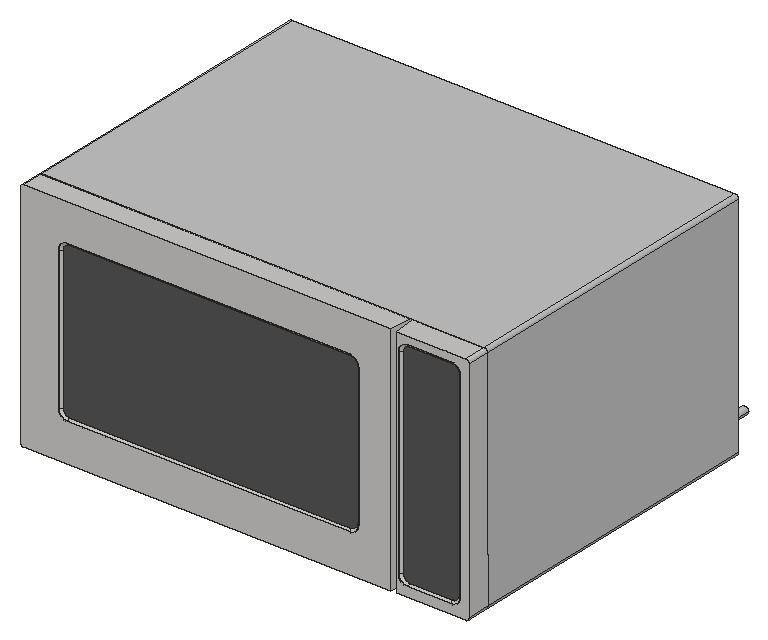
Revit family "FP_Revit_18_MO-24SS-2_Microwave_90000929A", category Specialty Equipment, Revit 2018
Family settings
  Round Connector Dimension = Use Diameter
  Part Type = Normal
  OmniClass Number = 23.40.40.14.17.31
  OmniClass Title = Small Specialized Cooking Equipment
  Work Plane-Based = No
  Always vertical = Yes
  Cut with Voids When Loaded = Yes
  Shared = No
  Room Calculation Point = No
Parameters
  Visibility - Clearance Required = yes
  URL = "www.fisherpaykel.com"
  Product - Width = 609 mm  # constant formula
  Product - Height = 340 mm  # constant formula
  Product - Depth = 485 mm  # constant formula
  Model = "MO-24SS-2"
  Material - Glass = Fisher & Paykel - Glass, Black
  Material - Front = Fisher & Paykel - Stainless Steel
  Material - Body = Fisher & Paykel - Grey
  Manufacturer = "Fisher & Paykel Appliances"
  FFL Offset [instance] = 860 mm
  Description = "24\" Microwave"
  Connector Note - Electrical = "120 V, 60 Hz, 15 A"
Reference planes
  plane 1 "Datum": y = 0
  plane 2: z = 0
  plane 3 "Center (Left/Right)": x = 0
  plane 4 "Top": z = 1200
  plane 5 "Product LHS": x = -304.5
  plane 6 "Product RHS": x = 304.5
  plane 7 "Product - Depth": y = 485
  plane 8 "FFL Offset": z = 860
  plane 9 "Base": z = 882.225
Forms (mm)
  Extrusion 1, solid, material "Fisher & Paykel - Stainless Steel" <- "Material - Front"
    sketch origin (0, 0, 0) x (1, 0, 0) y (0, 0, 1)
      loop
        arc (-299.5, 1200) -> (-303.036, 1198.536) -> (-304.5, 1195) r 5
        line (-304.5, 1195) -> (-304.5, 887.225)
        arc (-304.5, 887.225) -> (-303.036, 883.689) -> (-299.5, 882.225) r 5
        line (-299.5, 882.225) -> (299.5, 882.225)
        arc (299.5, 882.225) -> (303.036, 883.689) -> (304.5, 887.225) r 5
        line (304.5, 887.225) -> (304.5, 1195)
        arc (304.5, 1195) -> (303.036, 1198.536) -> (299.5, 1200) r 5
        line (299.5, 1200) -> (-299.5, 1200)
      loop
        arc (-240.72, 1149.623) -> (-249.205, 1146.109) -> (-252.72, 1137.623) r 12
        line (-252.72, 1137.623) -> (-252.72, 945.723)
        arc (-252.72, 945.723) -> (-249.205, 937.238) -> (-240.72, 933.723) r 12
        line (-240.72, 933.723) -> (141.68, 933.723)
        arc (141.68, 933.723) -> (150.165, 937.238) -> (153.68, 945.723) r 12
        line (153.68, 945.723) -> (153.68, 1137.623)
        arc (153.68, 1137.623) -> (150.165, 1146.109) -> (141.68, 1149.623) r 12
        line (141.68, 1149.623) -> (-240.72, 1149.623)
      loop
        arc (220.29, 1188.422) -> (211.805, 1184.907) -> (208.29, 1176.422) r 12
        line (208.29, 1176.422) -> (208.29, 906.925)
        arc (208.29, 906.925) -> (211.805, 898.44) -> (220.29, 894.925) r 12
        line (220.29, 894.925) -> (279.63, 894.925)
        arc (279.63, 894.925) -> (288.115, 898.44) -> (291.63, 906.925) r 12
        line (291.63, 906.925) -> (291.63, 1176.422)
        arc (291.63, 1176.422) -> (288.115, 1184.907) -> (279.63, 1188.422) r 12
        line (279.63, 1188.422) -> (220.29, 1188.422)
    from -30.162 to 0
  Extrusion 2, void
    sketch origin (0, 0, 0) x (1, 0, 0) y (0, 1, 0)
      loop
        line (200.353, 30.162) -> (197.714, 0) -> (206.166, 0) -> (203.528, 30.162) -> (200.353, 30.162)
    from 860 to 1200
  Extrusion 3, solid, material "Fisher & Paykel - Glass, Black" <- "Material - Glass"
    sketch origin (0, 0, 0) x (1, 0, 0) y (0, 0, 1)
      loop
        arc (-240.72, 1149.623) -> (-249.205, 1146.109) -> (-252.72, 1137.623) r 12
        line (-252.72, 1137.623) -> (-252.72, 945.723)
        arc (-252.72, 945.723) -> (-249.205, 937.238) -> (-240.72, 933.723) r 12
        line (-240.72, 933.723) -> (141.68, 933.723)
        arc (141.68, 933.723) -> (150.165, 937.238) -> (153.68, 945.723) r 12
        line (153.68, 945.723) -> (153.68, 1137.623)
        arc (153.68, 1137.623) -> (150.165, 1146.109) -> (141.68, 1149.623) r 12
        line (141.68, 1149.623) -> (-240.72, 1149.623)
      loop
        line (278.84, 1188.422) -> (220.29, 1188.422)
        arc (220.29, 1188.422) -> (211.805, 1184.907) -> (208.29, 1176.422) r 12
        line (208.29, 1176.422) -> (208.29, 906.925)
        arc (208.29, 906.925) -> (211.805, 898.44) -> (220.29, 894.925) r 12
        line (220.29, 894.925) -> (278.84, 894.925)
        arc (278.84, 894.925) -> (287.325, 898.44) -> (290.84, 906.925) r 12
        line (290.84, 906.925) -> (290.84, 1176.422)
        arc (290.84, 1176.422) -> (287.325, 1184.907) -> (278.84, 1188.422) r 12
    from -30.162 to -3.175
  Extrusion 4, solid, material "Fisher & Paykel - Grey" <- "Material - Body"
    sketch origin (0, 0, 0) x (1, 0, 0) y (0, 0, 1)
      loop
        arc (-299.5, 1200) -> (-303.036, 1198.536) -> (-304.5, 1195) r 5
        line (-304.5, 1195) -> (-304.5, 887.225)
        arc (-304.5, 887.225) -> (-303.036, 883.689) -> (-299.5, 882.225) r 5
        line (-299.5, 882.225) -> (299.5, 882.225)
        arc (299.5, 882.225) -> (303.036, 883.689) -> (304.5, 887.225) r 5
        line (304.5, 887.225) -> (304.5, 1195)
        arc (304.5, 1195) -> (303.036, 1198.536) -> (299.5, 1200) r 5
        line (299.5, 1200) -> (-299.5, 1200)
    from -455.232 to -30.162
  Extrusion 5, solid, material "Fisher & Paykel - Grey" <- "Material - Body"
    sketch origin (0, 0, 0) x (1, 0, 0) y (0, 1, 0)
      loop
        circle (-265.42, 93.98) r 6.002
      loop
        circle (-265.42, 385.445) r 6
      loop
        circle (231.447, 93.98) r 6.002
      loop
        circle (231.447, 385.445) r 6
    from 860 to 865.8
  Extrusion 6, solid, material "Fisher & Paykel - Grey" <- "Material - Body"
    sketch origin (0, 0, 0) x (1, 0, 0) y (0, 0, 1)
      loop
        line (96.984, 1120.391) -> (-211.264, 1120.391)
        arc (-211.264, 1120.391) -> (-212.678, 1119.805) -> (-213.264, 1118.391) r 2
        line (-213.264, 1118.391) -> (-213.264, 966.353)
        arc (-213.264, 966.353) -> (-212.678, 964.939) -> (-211.264, 964.353) r 2
        line (-211.264, 964.353) -> (96.984, 964.353)
        arc (96.984, 964.353) -> (98.398, 964.939) -> (98.984, 966.353) r 2
        line (98.984, 966.353) -> (98.984, 1118.391)
        arc (98.984, 1118.391) -> (98.398, 1119.805) -> (96.984, 1120.391) r 2
    from -485 to -455.232
  Extrusion 7, solid, material "Fisher & Paykel - Grey" <- "Material - Body"
    sketch origin (0, 0, 0) x (1, 0, 0) y (0, 0, 1)
      loop
        circle (289.33, 920.24) r 5
    from -485 to -455.232
  Extrusion 8, solid, material "Fisher & Paykel - Grey" <- "Material - Body"
    sketch origin (0, 0, 0) x (1, 0, 0) y (0, 1, 0)
      loop
        arc (-264.98, 403.987) -> (-278.402, 398.427) -> (-283.962, 385.005) r 18.982
        line (-283.962, 385.005) -> (-283.962, 94.438)
        arc (-283.962, 94.438) -> (-278.397, 81.003) -> (-264.962, 75.438) r 19
        line (-264.962, 75.438) -> (230.99, 75.438)
        arc (230.99, 75.438) -> (244.425, 81.003) -> (249.99, 94.438) r 19
        line (249.99, 94.438) -> (249.99, 384.987)
        arc (249.99, 384.987) -> (244.425, 398.422) -> (230.99, 403.987) r 19
        line (230.99, 403.987) -> (-264.98, 403.987)
    from 865.8 to 882.225
  Sweep 9, solid, material "Fisher & Paykel - Grey" <- "Material - Body", detail levels fine
    path in 3D
      loop
        arc (230.99, 403.987, 865.8) -> (244.425, 398.422, 865.8) -> (249.99, 384.987, 865.8) r 19
        line (249.99, 384.987, 865.8) -> (249.99, 94.438, 865.8)
        arc (249.99, 94.438, 865.8) -> (244.425, 81.003, 865.8) -> (230.99, 75.438, 865.8) r 19
        line (230.99, 75.438, 865.8) -> (-264.962, 75.438, 865.8)
        arc (-264.962, 75.438, 865.8) -> (-278.397, 81.003, 865.8) -> (-283.962, 94.438, 865.8) r 19
        line (-283.962, 94.438, 865.8) -> (-283.962, 385.005, 865.8)
        arc (-283.962, 385.005, 865.8) -> (-278.402, 398.427, 865.8) -> (-264.98, 403.987, 865.8) r 18.982
        line (-264.98, 403.987, 865.8) -> (230.99, 403.987, 865.8)
    profile origin (-16.995, 403.987, 865.8) x (0, -1, 0) y (0, 0, -1)
      loop
        line (0, 0) -> (-16.383, -16.383) -> (0, -16.383) -> (0, 0)
  Sweep 10, solid, material "Fisher & Paykel - Grey" <- "Material - Body", detail levels fine
    path in 3D
      loop
        arc (98.984, 485, 966.353) -> (98.398, 485, 964.939) -> (96.984, 485, 964.353) r 2
        line (96.984, 485, 964.353) -> (-211.264, 485, 964.353)
        arc (-211.264, 485, 964.353) -> (-212.678, 485, 964.939) -> (-213.264, 485, 966.353) r 2
        line (-213.264, 485, 966.353) -> (-213.264, 485, 1118.391)
        arc (-213.264, 485, 1118.391) -> (-212.678, 485, 1119.805) -> (-211.264, 485, 1120.391) r 2
        line (-211.264, 485, 1120.391) -> (96.984, 485, 1120.391)
        arc (96.984, 485, 1120.391) -> (98.398, 485, 1119.805) -> (98.984, 485, 1118.391) r 2
        line (98.984, 485, 1118.391) -> (98.984, 485, 966.353)
    profile origin (98.984, 485, 1042.372) x (1, 0, 0) y (0, 1, 0)
      loop
        line (0, 0) -> (0, -29.768) -> (29.768, -29.768) -> (0, 0)
  Extrusion 11, solid, material "Fisher & Paykel - Grey" <- "Material - Body"
    sketch origin (0, 0, 0) x (0, 1, 0) y (0, 0, 1)
      loop
        line (455.232, 1161.122) -> (455.232, 1126.122) -> (485, 1126.122) -> (485, 1144.088) -> (472.394, 1144.088) -> (462.231, 1161.122) -> (455.232, 1161.122)
    from 198.54 to 223.54
  Extrusion 12, solid, material "Fisher & Paykel - Grey" <- "Material - Body"
    sketch origin (0, 0, 0) x (1, 0, 0) y (0, 1, 0)
      loop
        circle (211.04, 463.813) r 4.95
    from 1021.1 to 1126.122
  Extrusion 13, void
    sketch origin (0, 0, 0) x (1, 0, 0) y (0, 1, 0)
      loop
        line (-304.5, 485) -> (-304.5, 0) -> (304.5, 0) -> (304.5, 485) -> (-304.5, 485)
    from 860 to 1200
  Sweep 14, solid, material "Fisher & Paykel - Stainless Steel" <- "Material - Front", detail levels fine
    path in 3D
      loop
        arc (-252.72, 0, 1137.623) -> (-249.205, 0, 1146.109) -> (-240.72, 0, 1149.623) r 12
        line (-240.72, 0, 1149.623) -> (141.68, 0, 1149.623)
        arc (141.68, 0, 1149.623) -> (150.165, 0, 1146.109) -> (153.68, 0, 1137.623) r 12
        line (153.68, 0, 1137.623) -> (153.68, 0, 945.723)
        arc (153.68, 0, 945.723) -> (150.165, 0, 937.238) -> (141.68, 0, 933.723) r 12
        line (141.68, 0, 933.723) -> (-240.72, 0, 933.723)
        arc (-240.72, 0, 933.723) -> (-249.205, 0, 937.238) -> (-252.72, 0, 945.723) r 12
        line (-252.72, 0, 945.723) -> (-252.72, 0, 1137.623)
    profile origin (-252.72, 0, 1041.673) x (0, -1, 0) y (1, 0, 0)
      loop
        line (0, 0) -> (-3.175, 3.175) -> (-3.175, 0) -> (0, 0)
  Sweep 15, solid, material "Fisher & Paykel - Stainless Steel" <- "Material - Front", detail levels fine
    path in 3D
      loop
        arc (208.29, 0, 1176.422) -> (211.805, 0, 1184.907) -> (220.29, 0, 1188.422) r 12
        line (220.29, 0, 1188.422) -> (279.63, 0, 1188.422)
        arc (279.63, 0, 1188.422) -> (288.115, 0, 1184.907) -> (291.63, 0, 1176.422) r 12
        line (291.63, 0, 1176.422) -> (291.63, 0, 906.925)
        arc (291.63, 0, 906.925) -> (288.115, 0, 898.44) -> (279.63, 0, 894.925) r 12
        line (279.63, 0, 894.925) -> (220.29, 0, 894.925)
        arc (220.29, 0, 894.925) -> (211.805, 0, 898.44) -> (208.29, 0, 906.925) r 12
        line (208.29, 0, 906.925) -> (208.29, 0, 1176.422)
    profile origin (208.29, 0, 1041.673) x (0, -1, 0) y (1, 0, 0)
      loop
        line (0, 0) -> (-3.175, 3.175) -> (-3.175, 0) -> (0, 0)
Cuts and joins
  joined: Extrusion 6, Extrusion 8
  Extrusion 2 cuts Extrusion 1
Lines and regions (mm)
  sketch lines
    curve 1: line (-264.98, 403.987, 865.8) -> (230.99, 403.987, 865.8)
    curve 2: arc (-264.98, 403.987, 865.8) -> (-278.402, 398.427, 865.8) -> (-283.962, 385.005, 865.8) r 18.982
    curve 3: line (-283.962, 94.438, 865.8) -> (-283.962, 385.005, 865.8)
    curve 4: arc (-283.962, 94.438, 865.8) -> (-278.397, 81.003, 865.8) -> (-264.962, 75.438, 865.8) r 19
    curve 5: line (230.99, 75.438, 865.8) -> (-264.962, 75.438, 865.8)
    curve 6: arc (230.99, 75.438, 865.8) -> (244.425, 81.003, 865.8) -> (249.99, 94.438, 865.8) r 19
    curve 7: line (249.99, 384.987, 865.8) -> (249.99, 94.438, 865.8)
    curve 8: arc (249.99, 384.987, 865.8) -> (244.425, 398.422, 865.8) -> (230.99, 403.987, 865.8) r 19
    curve 9: line (98.984, 485, 1118.391) -> (98.984, 485, 966.353)
    curve 10: line (96.984, 485, 964.353) -> (-211.264, 485, 964.353)
    curve 11: arc (96.984, 485, 964.353) -> (98.398, 485, 964.939) -> (98.984, 485, 966.353) r 2
    curve 12: arc (-213.264, 485, 966.353) -> (-212.678, 485, 964.939) -> (-211.264, 485, 964.353) r 2
    curve 13: line (-213.264, 485, 966.353) -> (-213.264, 485, 1118.391)
    curve 14: arc (-211.264, 485, 1120.391) -> (-212.678, 485, 1119.805) -> (-213.264, 485, 1118.391) r 2
    curve 15: line (-211.264, 485, 1120.391) -> (96.984, 485, 1120.391)
    curve 16: arc (98.984, 485, 1118.391) -> (98.398, 485, 1119.805) -> (96.984, 485, 1120.391) r 2
    curve 17: line (-252.72, 0, 945.723) -> (-252.72, 0, 1137.623)
    curve 18: arc (-240.72, 0, 1149.623) -> (-249.205, 0, 1146.109) -> (-252.72, 0, 1137.623) r 12
    curve 19: line (-240.72, 0, 1149.623) -> (141.68, 0, 1149.623)
    curve 20: arc (153.68, 0, 1137.623) -> (150.165, 0, 1146.109) -> (141.68, 0, 1149.623) r 12
    curve 21: line (153.68, 0, 1137.623) -> (153.68, 0, 945.723)
    curve 22: arc (141.68, 0, 933.723) -> (150.165, 0, 937.238) -> (153.68, 0, 945.723) r 12
    curve 23: line (141.68, 0, 933.723) -> (-240.72, 0, 933.723)
    curve 24: arc (-252.72, 0, 945.723) -> (-249.205, 0, 937.238) -> (-240.72, 0, 933.723) r 12
    curve 25: line (208.29, 0, 906.925) -> (208.29, 0, 1176.422)
    curve 26: arc (220.29, 0, 1188.422) -> (211.805, 0, 1184.907) -> (208.29, 0, 1176.422) r 12
    curve 27: line (220.29, 0, 1188.422) -> (279.63, 0, 1188.422)
    curve 28: arc (291.63, 0, 1176.422) -> (288.115, 0, 1184.907) -> (279.63, 0, 1188.422) r 12
    curve 29: line (291.63, 0, 1176.422) -> (291.63, 0, 906.925)
    curve 30: arc (279.63, 0, 894.925) -> (288.115, 0, 898.44) -> (291.63, 0, 906.925) r 12
    curve 31: line (279.63, 0, 894.925) -> (220.29, 0, 894.925)
    curve 32: arc (208.29, 0, 906.925) -> (211.805, 0, 898.44) -> (220.29, 0, 894.925) r 12
Text (mm)
  text "Due to ongoing product development, product details are subject to change without notice. \nPlease always refer to www.fisherpaykel.com for the most current product information. \n© Fisher & Paykel 2020" at (41.04, -230.14, 0), in view "Ref. Level (Plan)"
Dimensions and locks
  equal spacing: plane 5 "Product LHS", plane 3 "Center (Left/Right)", plane 6 "Product RHS"
  "Product - Width": plane 5 "Product LHS" to plane 6 "Product RHS"
  "Product - Depth": plane 1 "Datum" to plane 7 "Product - Depth"
  "FFL Offset": plane 8 "FFL Offset" to level
  locked: cut or joined group of Extrusion 6, Extrusion 8 to plane 8 "FFL Offset" at 104.353
  locked: plane 8 "FFL Offset" to cut or joined group of Extrusion 6, Extrusion 8 at 5.8
  locked: plane 8 "FFL Offset" to Extrusion 7 sketch curve at 60.24
  locked: Extrusion 12 to plane 8 "FFL Offset" at 161.1
  "Product - Height": plane 4 "Top" to plane 8 "FFL Offset"
  locked: plane 8 "FFL Offset" to plane 9 "Base" at 22.225
  locked: Extrusion 11 to plane 8 "FFL Offset" at 266.122
  plane 9 "Base" to cut or joined group of Extrusion 6, Extrusion 8 = 0 mm
  aligned and locked: level to plane 2
  aligned and locked: Extrusion 1 sketch curve to plane 5 "Product LHS"
  aligned and locked: plane 6 "Product RHS" to Extrusion 1 sketch curve
  aligned and locked: Extrusion 7 to plane 7 "Product - Depth"
  aligned and locked: Extrusion 5 to cut or joined group of Extrusion 6, Extrusion 8
  aligned and locked: Extrusion 1 sketch curve to plane 4 "Top"
  aligned and locked: Extrusion 1 sketch curve to plane 9 "Base"
  aligned and locked: plane 4 "Top" to Extrusion 2
  aligned and locked: Extrusion 5 to Extrusion 2
  aligned and locked: Extrusion 12 to Extrusion 11
  aligned and locked: Extrusion 5 to plane 8 "FFL Offset"
  aligned and locked: Extrusion 4 sketch curve to plane 9 "Base"
  aligned and locked: Extrusion 8 to Extrusion 4
  aligned and locked: Extrusion 3 sketch curve to cut or joined group of Extrusion 1, Extrusion 2
  aligned and locked: cut or joined group of Extrusion 1, Extrusion 2 to Extrusion 3 sketch curve
  aligned and locked: plane 4 "Top" to Extrusion 13
  aligned and locked: Extrusion 13 to Extrusion 5
  aligned and locked: Sweep 14 sketch curve to Extrusion 3
  aligned and locked: Extrusion 3 to Sweep 15 sketch curve
Automatic sketch dimensions
  plane 1 "Datum" to Extrusion 2 sketch curve = 0 mm
  plane 6 "Product RHS" to Extrusion 2 sketch curve = 106.786 mm
  Extrusion 2 sketch curve to plane 1 "Datum" = 30.162 mm
  Extrusion 2 sketch curve to Extrusion 2 sketch curve = 2.639 mm
  Extrusion 2 sketch curve to Extrusion 2 sketch curve = 3.175 mm
  Extrusion 2 sketch curve to Extrusion 2 sketch curve = 8.453 mm
  Extrusion 8 sketch curve to plane 5 "Product LHS" = 20.538 mm
  Extrusion 8 sketch curve to Extrusion 8 sketch curve = 18.982 mm
  Extrusion 8 sketch curve to Extrusion 8 sketch curve = 19 mm  (x2)
  plane 6 "Product RHS" to Extrusion 8 sketch curve = 73.51 mm  (x2)
  Extrusion 8 sketch curve to plane 1 "Datum" = 75.438 mm
  Extrusion 8 sketch curve to plane 7 "Product - Depth" = 100.013 mm
  Extrusion 5 sketch curve to plane 5 "Product LHS" = 39.08 mm  (x2)
  plane 6 "Product RHS" to Extrusion 5 sketch curve = 73.053 mm  (x2)
  Extrusion 5 sketch curve to plane 1 "Datum" = 93.98 mm  (x2)
  Extrusion 5 sketch curve to plane 7 "Product - Depth" = 99.555 mm  (x2)
  Extrusion 6 sketch curve to plane 5 "Product LHS" = 91.236 mm
  Extrusion 6 sketch curve to Extrusion 6 sketch curve = 2 mm  (x3)
  plane 3 "Center (Left/Right)" to Extrusion 6 sketch curve = 96.984 mm  (x2)
  level to Extrusion 6 sketch curve = 964.353 mm
  Extrusion 6 sketch curve to plane 4 "Top" = 81.609 mm
  Sweep 9 sketch curve to profile plane = 0 mm
  profile plane to Sweep 9 sketch curve = 0 mm
  profile plane to Sweep 9 sketch curve = 16.383 mm
  Sweep 9 sketch curve to profile plane = 16.383 mm
  Sweep 10 sketch curve to profile plane = 0 mm
  profile plane to Sweep 10 sketch curve = 0 mm
  profile plane to Sweep 10 sketch curve = 29.768 mm  (x2)
  Extrusion 11 sketch curve to plane 7 "Product - Depth" = 0 mm
  Extrusion 11 sketch curve to Extrusion 11 sketch curve = 12.606 mm
  Extrusion 11 sketch curve to Extrusion 11 sketch curve = 10.162 mm
  Extrusion 11 sketch curve to Extrusion 11 sketch curve = 7 mm
  Extrusion 11 sketch curve to plane 4 "Top" = 73.878 mm
  Extrusion 11 sketch curve to Extrusion 11 sketch curve = 17.966 mm
  Extrusion 11 sketch curve to Extrusion 11 sketch curve = 17.034 mm
  Extrusion 12 sketch curve to plane 7 "Product - Depth" = 21.187 mm
  plane 6 "Product RHS" to Extrusion 12 sketch curve = 93.46 mm
  plane 6 "Product RHS" to Extrusion 7 sketch curve = 15.17 mm
  plane 1 "Datum" to Extrusion 13 sketch curve = 0 mm
  Extrusion 13 sketch curve to plane 5 "Product LHS" = 0 mm
  Extrusion 13 sketch curve to plane 6 "Product RHS" = 0 mm
  Extrusion 13 sketch curve to plane 7 "Product - Depth" = 0 mm
  Extrusion 1 sketch curve to plane 5 "Product LHS" = 5 mm  (x2)
  Extrusion 1 sketch curve to plane 5 "Product LHS" = 51.78 mm
  Extrusion 1 sketch curve to Extrusion 1 sketch curve = 12 mm  (x5)
  Extrusion 1 sketch curve to plane 4 "Top" = 50.377 mm
  plane 3 "Center (Left/Right)" to Extrusion 1 sketch curve = 141.68 mm  (x2)
  Extrusion 1 sketch curve to plane 4 "Top" = 23.578 mm
  Extrusion 1 sketch curve to Extrusion 1 sketch curve = 54.61 mm
  Extrusion 1 sketch curve to plane 4 "Top" = 11.578 mm
  Extrusion 1 sketch curve to plane 9 "Base" = 12.7 mm
  plane 6 "Product RHS" to Extrusion 1 sketch curve = 24.87 mm  (x2)
  plane 6 "Product RHS" to Extrusion 1 sketch curve = 5 mm  (x2)
  Extrusion 1 sketch curve to plane 9 "Base" = 51.498 mm
  plane 5 "Product LHS" to Extrusion 4 sketch curve = 0 mm
  Extrusion 4 sketch curve to plane 4 "Top" = 0 mm
  plane 6 "Product RHS" to Extrusion 4 sketch curve = 0 mm
  Extrusion 4 sketch curve to plane 5 "Product LHS" = 5 mm  (x2)
  Extrusion 4 sketch curve to Extrusion 4 sketch curve = 5 mm
  plane 6 "Product RHS" to Extrusion 4 sketch curve = 5 mm
  Extrusion 3 sketch curve to plane 5 "Product LHS" = 51.78 mm
  Extrusion 3 sketch curve to Extrusion 3 sketch curve = 12 mm  (x5)
  Extrusion 3 sketch curve to plane 9 "Base" = 63.498 mm
  plane 3 "Center (Left/Right)" to Extrusion 3 sketch curve = 141.68 mm
  Extrusion 3 sketch curve to plane 4 "Top" = 23.578 mm
  Extrusion 3 sketch curve to Extrusion 3 sketch curve = 54.61 mm
  Extrusion 3 sketch curve to plane 4 "Top" = 11.578 mm
  plane 6 "Product RHS" to Extrusion 3 sketch curve = 25.66 mm  (x2)
  Extrusion 3 sketch curve to plane 4 "Top" = 62.377 mm
  Sweep 14 sketch curve to profile plane = 0 mm  (x2)
  profile plane to Sweep 14 sketch curve = 3.175 mm
  Sweep 15 sketch curve to profile plane = 0 mm  (x2)
  profile plane to Sweep 15 sketch curve = 3.175 mm
  radius of Extrusion 7 sketch curve = 5 mm
  radius of Extrusion 5 sketch curve = 6.002 mm  (x2)
  radius of Extrusion 5 sketch curve = 6 mm  (x2)
  radius of Extrusion 12 sketch curve = 4.95 mm
Connectors
  electrical at (289.33, 485, 920.24), driven by "Connector Note - Electrical"
    settings: on Extrusion 7, index 1, voltage 120 V, apparent load 0 VA, apparent load phase1 0 VA, apparent load phase2 0 VA, apparent load phase3 0 VA, power factor 1, load classification "Other", number of poles 1, system type 30, power factor state 1, is connector primary yes, connector utility no, sub classification motor no, connector description "120 V, 60 Hz, 15 A"
